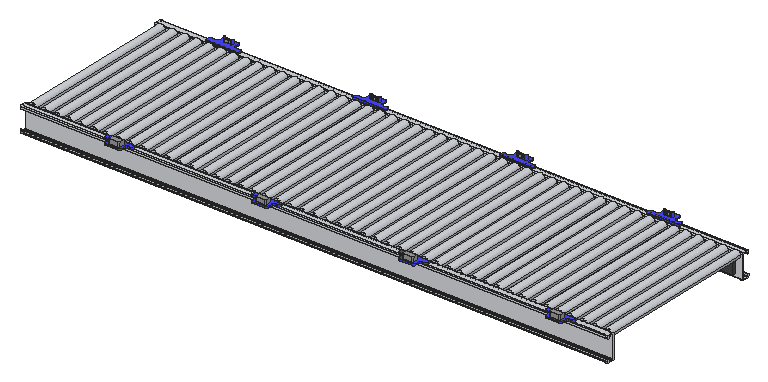
Revit family "C353", category Specialty Equipment, Revit 2025
Family settings
  Round Connector Dimension = Use Diameter
  Part Type = Normal
  Work Plane-Based = No
  Enable Cutting in Views = No
  Always vertical = Yes
  Cut with Voids When Loaded = No
  Maintain Annotation Orientation = No
  Shared = No
  Room Calculation Point = No
Parameters (values of type "C353- 42"")
  Weight [instance] = 0
  Version = ""
  Subsystem [instance] = ""
  Special_Part_Number [instance] = ""
  Special_Description [instance] = ""
  Special_Bed [instance] = no
  Segment [instance] = ""
  SIO_Block_Number [instance] = ""
  SENSOR_ARRY_NUM [instance] = round(CLR_BED_LENGTH / CLR_ZONES)  # 4
  SENSOR_ARRY [instance] = CLR_ZONES + CLR_SENSOR_SKEW  # 4' - 8"
  PHOTO_EYE_ARRAY [instance] = CLR_ZONES + CLR_PhotoEye_SP  # 4' - 0"
  Material_Number [instance] = ""
  MCP [instance] = ""
  Lookup Table Name BCL [instance] = "BOTTOM_COVER_BCL"
  Lookup Table Name BCAN [instance] = "BOTTOM_COVER_ARRAY_NUM"
  Lookup Table Name [instance] = "PHOTO_EYE"
  Load_Envelope_Height [instance] = 1' - 0"
  Load_Envelope [instance] = no
  IO_Block_Number [instance] = ""
  Field_Cut [instance] = no
  Estop_Zone [instance] = ""
  Error_State [instance] = no
  Default Elevation = 0' - 0"
  Conveyor_Number [instance] = "100"
  Conveyor_Elevation_Out [instance] = Conveyor_Elevation_In  # 2' - 6"
  Conveyor_Elevation_In [instance] = 2' - 6"
  CLR_ZONE_CONTROL = "N"
  CLR_ZONES [instance] = 3' - 0"
  CLR_VFD = no
  CLR_TE_POSITION = "N"
  CLR_TAKE_UP_SPRING_QUANTITY = 0
  CLR_TAKE_UP = "N"
  CLR_SUBCLASS = ""
  CLR_SPRING_COVER [instance] = no
  CLR_SPEED_FPM = 0
  CLR_SLAVE_RATIO = "N"
  CLR_SENSOR_SKEW [instance] = size_lookup(Lookup Table Name, "CSS", CLR_PhotoEye_SP, CLR_NOMINAL_WIDTH, CLR_ZONES, CLR_SENSOR_ANGLE)  # 1' - 8"
  CLR_SENSOR_MOUNT [instance] = "Side"
  CLR_SENSOR_HAND [instance] = "Left"
  CLR_SENSOR_ANGLE [instance] = 9.00°
  CLR_ROLLER_NUM [instance] = CLR_BED_LENGTH / CLR_ROLLER_CENTER  # 48
  CLR_ROLLER_CENTER [instance] = 0' - 3"
  CLR_PhotoEye_SP [instance] = if(CLR_ZONES = 3' 0", 1' 0", if(CLR_ZONES = 2' 0", 0' 8", 0' 8"))  # 1' - 0"
  CLR_PULLEY_TYPE = "N"
  CLR_POPOUT_CARRYING_ROLLERS [instance] = no
  CLR_NOMINAL_WIDTH + 1" [instance] = CLR_NOMINAL_WIDTH + 0' 1"  # 3' - 7"
  CLR_NOMINAL_WIDTH  -2.5" [instance] = CLR_NOMINAL_WIDTH - 0' 2 1/2"  # 3' - 3 1/2"
  CLR_NOMINAL_WIDTH [instance] = if(Bed_Width = 1' 6", 1' 6", if(Bed_Width = 2' 0", 2' 0", if(Bed_Width = 2' 6", 2' 6", if(Bed_Width = 3' 0", 3' 0", if(Bed_Width = 3' 6", 3' 6", 1' 6")))))  # 3' - 6"
  CLR_MOTOR_VOLTAGE = "N"
  CLR_MOTOR_TYPE = "N"
  CLR_MOTOR_HP = 0
  CLR_MODULE = ""
  CLR_LIFTER_ROLLER_CENTER [instance] = 0' - 6"
  CLR_FINGER_GUARD [instance] = no
  CLR_DRIVE_TRAIN_TYPE = "N"
  CLR_DRIVE_SIZE = 0
  CLR_CONTROL_VOLTAGE = "N"
  CLR_CONTROL_DEVICE = "N"
  CLR_CONNECTION_KIT = "N"
  CLR_CARRYING_ROLLER [instance] = "Standard\r\nStandard\r\nStandard"
  CLR_BOTTOM_COVERS [instance] = no
  CLR_BED_LENGTH [instance] = if(Bed_Length < 12' 0", 12' 0", if(Bed_Length > 12' 0", 12' 0", 12' 0"))  # 12' - 0"
  CLR_ASSEMBLY_HAND = "N"
  CLR_AIR_BRAKE = 0
  Belting [instance] = if(Bed_Width = 1' 6", 0' 8", if(Bed_Width = 2' 0", 0' 8", if(Bed_Width = 2' 6", 0' 8", if(Bed_Width = 3' 0", 0' 8", if(Bed_Width = 3' 6", 0' 8", 0' 8")))))  # 0' - 8"
  Bed_Width [instance] = 3' - 6"
  Bed_Length [instance] = 12' - 0"
  BREAK_ENTRY_LEN [instance] = if(CLR_ZONES = 3' 0", 0' 11 7/32", if(CLR_ZONES = 2' 0", 0' 0 7/32", 3' 0"))  # 0' - 11 7/32"
  BOTTOM_COVER_ARRAY_NUM [instance] = size_lookup(Lookup Table Name BCAN, "BCAN", 1, CLR_BED_LENGTH)  # 4
  BOTTOM_COVERS_LOCATION [instance] = BOTTOM_COVERS_LENGTH + BOTTOM_COVERS_LENGTH / 2  # 4' - 6"
  BOTTOM_COVERS_LENGTH [instance] = size_lookup(Lookup Table Name BCL, "BCL", 2' 0", CLR_BED_LENGTH, BOTTOM_COVER_ARRAY_NUM)  # 3' - 0"
  BBREAK_ZONE [instance] = if(CLR_ZONES = 3' 0", 3' 0", if(CLR_ZONES = 2' 0", 2' 0", 3' 0"))  # 3' - 0"
  Asset ID [instance] = ""
  Air_Consumption [instance] = 0
Types (5): name | SENSOR_ARRY_NUM | SENSOR_ARRY | PHOTO_EYE_ARRAY | Load_Envelope_Height | CLR_ZONES | CLR_SENSOR_SKEW | CLR_PhotoEye_SP | CLR_NOMINAL_WIDTH + 1" | CLR_NOMINAL_WIDTH  -2.5" | CLR_NOMINAL_WIDTH | Bed_Width | BREAK_ENTRY_LEN | BBREAK_ZONE
  C353- 18" | 6 | 3' - 0" | 2' - 8" | 1' - 0" | 2' - 0" | 1' - 0" | 0' - 8" | 1' - 7" | 1' - 3 1/2" | 1' - 6" | 1' - 6" | 0' - 0 7/32" | 2' - 0"
  C353- 24" | 4 | 4' - 4" | 4' - 0" | 1' - 0" | 3' - 0" | 1' - 4" | 1' - 0" | 2' - 1" | 1' - 9 1/2" | 2' - 0" | 2' - 0" | 0' - 11 7/32" | 3' - 0"
  C353- 30" | 4 | 4' - 6" | 4' - 0" | 1' - 0" | 3' - 0" | 1' - 6" | 1' - 0" | 2' - 7" | 2' - 3 1/2" | 2' - 6" | 2' - 6" | 0' - 11 7/32" | 3' - 0"
  C353- 36" | 6 | 3' - 2" | 2' - 8" | 0' - 11.55696" | 2' - 0" | 1' - 2" | 0' - 8" | 3' - 1" | 2' - 9 1/2" | 3' - 0" | 3' - 0" | 0' - 0 7/32" | 2' - 0"
  C353- 42" | 4 | 4' - 8" | 4' - 0" | 1' - 0" | 3' - 0" | 1' - 8" | 1' - 0" | 3' - 7" | 3' - 3 1/2" | 3' - 6" | 3' - 6" | 0' - 11 7/32" | 3' - 0"
Reference planes (in)
  plane 1 "Centerline": y = 0
  plane 2: z = 0
  plane 3 "Entry_End": x = 0
  plane 4 "Top_of_Roller": z = 30
  plane 5 "Top_of_SideFrame": z = 29.71
  plane 6 "Bot_of_SideFrame": z = 23.71
  plane 7 "LH_Out": y = 21.5
  plane 8 "RH_Out": y = -21.5
  plane 9 "RH_In": y = -19.75
  plane 10 "LH_In": y = 19.75
  plane 11 "Exit_End": x = 144
  plane 12 "PhotoEye_SP": x = 132
  plane 13 "Sensor_Skew": x = 124
  plane 14: x = 60.81944
  plane 15: y = -38.13976
  plane 16: z = 30
  plane 17: z = 42
  plane 18: y = -19.75
  plane 19: y = 19.75
  plane 20: x = 34.71875
  plane 21: x = 23.21875
  plane 22: y = 19
  plane 23: x = 22.71875
  plane 24: x = 11.21875
  plane 25: y = 19
  plane 26: y = 18.25
  plane 27: y = 18.25
  plane 28 "BREAK": z = 27.805
  plane 29: x = 22.96875
  plane 30: x = 31.33658
  plane 31: x = 19.83658
  plane 32: y = 25.5
  plane 33: x = 19.33658
  plane 34: x = 7.83658
  plane 35: y = 25.5
  plane 36: y = 24.75
  plane 37: y = 24.75
  plane 38: x = 19.58658
  plane 39: x = 22.96875
  plane 40: x = 11.21875
  plane 41: x = 19.58658
  plane 42: x = 7.83658
  plane 43: y = 19
  plane 44: y = 25.5
  plane 45: x = 70.71875
  plane 46: x = 59.21875
  plane 47: y = 19
  plane 48: x = 58.71875
  plane 49: x = 47.21875
  plane 50: y = 19
  plane 51: y = 18.25
  plane 52: y = 18.25
  plane 53: x = 58.96875
  plane 54: x = 106.71875
  plane 55: x = 95.21875
  plane 56: y = 19
  plane 57: x = 94.71875
  plane 58: x = 83.21875
  plane 59: y = 19
  plane 60: y = 18.25
  plane 61: y = 18.25
  plane 62: x = 94.96875
  plane 63: x = 142.71875
  plane 64: x = 131.21875
  plane 65: y = 19
  plane 66: x = 130.71875
  plane 67: x = 119.21875
  plane 68: y = 19
  plane 69: y = 18.25
  plane 70: y = 18.25
  plane 71: x = 130.96875
Forms (in)
  Extrusion 1, solid, detail levels coarse+medium
    sketch origin (0, 0, 0) x (0, 1, 0) y (0, 0, 1)
      loop
        line (21.5, 29.71) -> (-21.5, 29.71) -> (-21.5, 23.71) -> (21.5, 23.71) -> (21.5, 29.71)
    from 0 to 144
  Extrusion 2, solid, material "Load Envelope", visible <- "Load_Envelope"
    sketch origin (0, 0, 0) x (0, 1, 0) y (0, 0, 1)
      loop
        line (19.75, 42) -> (-19.75, 42) -> (-19.75, 30) -> (19.75, 30) -> (19.75, 42)
    from 0 to 144
  Extrusion 3, solid, material "BREAK"
    sketch origin (-81.78125, -20.40488, 22.32745) x (0, 1, 0) y (-1, 0, 0)
      loop
        line (39.40488, -116.5) -> (39.40488, -105) -> (39.15488, -105) -> (39.15488, -104.5) -> (39.40488, -104.5) -> (39.40488, -93) -> (38.65488, -93) -> (38.65488, -104.5) -> (38.90488, -104.5) -> (38.90488, -105) -> (38.65488, -105) -> (38.65488, -116.5) -> (39.40488, -116.5)
    from 2.81755 to 5.47755
  Extrusion 4, solid, material "BREAK", not visible
    sketch origin (-85.16342, -13.90488, 22.77048) x (0, 1, 0) y (-1, 0, 0)
      loop
        line (39.40488, -116.5) -> (39.40488, -105) -> (39.15488, -105) -> (39.15488, -104.5) -> (39.40488, -104.5) -> (39.40488, -93) -> (38.65488, -93) -> (38.65488, -104.5) -> (38.90488, -104.5) -> (38.90488, -105) -> (38.65488, -105) -> (38.65488, -116.5) -> (39.40488, -116.5)
    from 2.81755 to 5.47755
  Extrusion 5, solid, material "BREAK"
    sketch origin (-45.78125, -20.40488, 22.32745) x (0, 1, 0) y (-1, 0, 0)
      loop
        line (39.40488, -116.5) -> (39.40488, -105) -> (39.15488, -105) -> (39.15488, -104.5) -> (39.40488, -104.5) -> (39.40488, -93) -> (38.65488, -93) -> (38.65488, -104.5) -> (38.90488, -104.5) -> (38.90488, -105) -> (38.65488, -105) -> (38.65488, -116.5) -> (39.40488, -116.5)
    from 2.81755 to 5.47755
  Extrusion 6, solid, material "BREAK"
    sketch origin (-9.78125, -20.40488, 22.32745) x (0, 1, 0) y (-1, 0, 0)
      loop
        line (39.40488, -116.5) -> (39.40488, -105) -> (39.15488, -105) -> (39.15488, -104.5) -> (39.40488, -104.5) -> (39.40488, -93) -> (38.65488, -93) -> (38.65488, -104.5) -> (38.90488, -104.5) -> (38.90488, -105) -> (38.65488, -105) -> (38.65488, -116.5) -> (39.40488, -116.5)
    from 2.81755 to 5.47755
  Extrusion 7, solid, material "BREAK"
    sketch origin (26.21875, -20.40488, 22.32745) x (0, 1, 0) y (-1, 0, 0)
      loop
        line (39.40488, -116.5) -> (39.40488, -105) -> (39.15488, -105) -> (39.15488, -104.5) -> (39.40488, -104.5) -> (39.40488, -93) -> (38.65488, -93) -> (38.65488, -104.5) -> (38.90488, -104.5) -> (38.90488, -105) -> (38.65488, -105) -> (38.65488, -116.5) -> (39.40488, -116.5)
    from 2.81755 to 5.47755
Lines and regions (in)
  model lines, style "Belt"
    curve 1: line (0, 4, 30) -> (144, 4, 30)
    curve 2: line (0, -4, 30) -> (0, 4, 30)
    curve 3: line (144, -4, 30) -> (0, -4, 30)
    curve 4: line (144, 4, 30) -> (144, -4, 30)
  model lines, style "Centerline"
    curve 5: line (0, 0, 30) -> (144, 0, 30)
  model lines, style "Flow Arrow", not visible
    curve 6: line (108.81944, -38.13976, 30) -> (132.81944, -38.13976, 30)
    curve 7: line (132.81944, -38.13976, 30) -> (122.42713, -32.13976, 30)
    curve 8: line (132.81944, -38.13976, 30) -> (122.42713, -44.13976, 30)
  reference lines
    curve 9: line (22.96875, 21, 30) -> (22.96875, 16.5, 30)
    curve 10: line (58.96875, 21, 30) -> (58.96875, 16.5, 30)
    curve 11: line (94.96875, 21, 30) -> (94.96875, 16.5, 30)
    curve 12: line (130.96875, 21, 30) -> (130.96875, 16.5, 30)
Dimensions and locks (in)
  equal spacing: plane 10 "LH_In", plane 1 "Centerline", plane 9 "RH_In"
  "CLR_NOMINAL_WIDTH  -2.5"": plane 10 "LH_In" to plane 9 "RH_In"
  equal spacing: plane 7 "LH_Out", plane 1 "Centerline", plane 8 "RH_Out"
  "CLR_NOMINAL_WIDTH + 1"": plane 7 "LH_Out" to plane 8 "RH_Out"
  "Conveyor_Elevation_In": plane 4 "Top_of_Roller" to level
  locked: plane 4 "Top_of_Roller" to plane 5 "Top_of_SideFrame" at 0.29
  locked: plane 5 "Top_of_SideFrame" to plane 6 "Bot_of_SideFrame" at 6
  locked: nested 1 to plane 6 "Bot_of_SideFrame"
  locked: nested 1 to plane 10 "LH_In"
  locked: plane 6 "Bot_of_SideFrame" to nested 2
  locked: plane 9 "RH_In" to nested 2
  locked: plane 3 "Entry_End" to nested 3 at 1.5
  locked: plane 4 "Top_of_Roller" to nested 3
  equal spacing: group 1, group 2, group 3, group 4, group 5, group 6, group 7, group 8, group 14, group 15, group 16, group 17, group 18, group 19, group 20, group 21, group 22, group 23, group 24, group 25, group 26, group 27, group 28, group 29, group 30, group 31, group 32, group 33, group 34, group 35, group 36, group 37, group 38, group 39, group 40, group 41, group 47, group 48, group 49, group 50, group 54, group 55, group 56, group 57, group 58, group 59, group 60, group 61  (x2)
  equal spacing: group 61, group 60, group 59, group 58, group 57, group 56, group 55, group 54, group 50, group 49, group 48, group 47, group 41, group 40, group 39, group 38, group 37, group 36, group 35, group 34, group 33, group 32, group 31, group 30, group 29, group 28, group 27, group 26, group 25, group 24, group 23, group 22, group 21, group 20, group 19, group 18, group 17, group 16, group 15, group 14, group 8, group 7, group 6, group 5, group 4, group 3, group 2, group 1
  locked: plane 3 "Entry_End" to nested 4 at 4.5
  "CLR_BED_LENGTH": plane 3 "Entry_End" to plane 11 "Exit_End"
  "CLR_PhotoEye_SP": plane 11 "Exit_End" to plane 12 "PhotoEye_SP"
  "CLR_SENSOR_SKEW": plane 11 "Exit_End" to plane 13 "Sensor_Skew"
  equal spacing: group 51, group 42, group 10, group 9
  equal spacing: group 9, group 10, group 42, group 51  (x2)
  "SENSOR_ARRY": nested 12 to plane 11 "Exit_End"
  locked: plane 5 "Top_of_SideFrame" to nested 11
  locked: plane 8 "RH_Out" to nested 13
  equal spacing: group 52, group 43, group 12, group 11
  equal spacing: group 11, group 12, group 43, group 52  (x2)
  "PHOTO_EYE_ARRAY": nested 14 to plane 11 "Exit_End"
  locked: plane 5 "Top_of_SideFrame" to nested 13
  equal spacing: curve 3, plane 1 "Centerline", curve 1
  "Belting": curve 3 to curve 1
  equal spacing: plane 19, plane 1 "Centerline", plane 18
  "CLR_NOMINAL_WIDTH  -2.5"": plane 19 to plane 18
  "Load_Envelope_Height": plane 17 to plane 16
  locked: plane 3 "Entry_End" to nested 45
  equal spacing: group 44, group 45, group 46, group 53  (x2)
  equal spacing: group 53, group 46, group 45, group 44
  "BOTTOM_COVERS_LOCATION": nested 46 to plane 3 "Entry_End"
  locked: plane 27 to plane 22 at 0.75
  locked: plane 26 to plane 25 at 0.75
  plane 23 to plane 21 = 0' - 0 1/2"
  locked: plane 24 to plane 23 at 11.5
  locked: plane 21 to plane 20 at 11.5
  locked: plane 28 "BREAK" to plane 4 "Top_of_Roller" at 2.195
  Extrusion 3 to Extrusion 3 = 0' - 2.66"
  locked: plane 29 to Extrusion 3 sketch curve at 0.25
  locked: Extrusion 3 sketch curve to plane 29 at 0.25
  locked: plane 37 to plane 32 at 0.75
  locked: plane 36 to plane 35 at 0.75
  plane 33 to plane 31 = 0' - 0 1/2"
  locked: plane 34 to plane 33 at 11.5
  locked: plane 31 to plane 30 at 11.5
  locked: plane 38 to Extrusion 4 sketch curve at 0.25
  locked: Extrusion 4 sketch curve to plane 38 at 0.25
  Extrusion 3 to plane 39 to Extrusion 3 = 0' - 0 1/4", 0' - 0 1/4"
  Extrusion 3 to plane 40 = 0' - 0"
  locked: plane 43 to plane 10 "LH_In" at 0.75
  locked: plane 43 to Extrusion 3
  "BREAK_ENTRY_LEN": plane 3 "Entry_End" to plane 40
  locked: Extrusion 3 to plane 40
  locked: plane 40 to plane 39 at 11.75
  locked: plane 52 to plane 47 at 0.75
  locked: plane 51 to plane 50 at 0.75
  locked: plane 49 to plane 48 at 11.5
  locked: plane 46 to plane 45 at 11.5
  locked: plane 53 to Extrusion 5 sketch curve at 0.25
  locked: Extrusion 5 sketch curve to plane 53 at 0.25
  equal spacing: group 63, group 64, group 65, group 66  (x3)
  "BBREAK_ZONE": curve 9 to curve 10
  locked: plane 61 to plane 56 at 0.75
  locked: plane 60 to plane 59 at 0.75
  locked: plane 58 to plane 57 at 11.5
  locked: plane 55 to plane 54 at 11.5
  locked: plane 62 to Extrusion 6 sketch curve at 0.25
  locked: Extrusion 6 sketch curve to plane 62 at 0.25
  locked: plane 70 to plane 65 at 0.75
  locked: plane 69 to plane 68 at 0.75
  locked: plane 67 to plane 66 at 11.5
  locked: plane 64 to plane 63 at 11.5
  locked: plane 71 to Extrusion 7 sketch curve at 0.25
  locked: Extrusion 7 sketch curve to plane 71 at 0.25
  aligned and locked: level to plane 2
  aligned and locked: plane 3 "Entry_End" to nested 1
  aligned and locked: plane 3 "Entry_End" to nested 2
  aligned and locked: plane 1 "Centerline" to nested 3
  aligned and locked: nested 11 to plane 13 "Sensor_Skew"
  aligned and locked: plane 7 "LH_Out" to nested 11
  aligned and locked: plane 12 "PhotoEye_SP" to nested 13
  aligned and locked: plane 3 "Entry_End" to curve 2
  aligned and locked: curve 4 to plane 11 "Exit_End"
  aligned and locked: Extrusion 1 to plane 7 "LH_Out"
  aligned and locked: plane 5 "Top_of_SideFrame" to Extrusion 1
  aligned and locked: Extrusion 1 to plane 6 "Bot_of_SideFrame"
  aligned and locked: plane 11 "Exit_End" to Extrusion 1
  aligned and locked: plane 4 "Top_of_Roller" to plane 16
  aligned and locked: Extrusion 2 sketch curve to plane 17
  aligned and locked: Extrusion 2 sketch curve to plane 10 "LH_In"
  aligned and locked: Extrusion 2 sketch curve to nested 3  (x2)
  aligned and locked: plane 11 "Exit_End" to Extrusion 2
  aligned and locked: nested 45 to plane 6 "Bot_of_SideFrame"
  aligned and locked: plane 1 "Centerline" to nested 45
  aligned and locked: plane 4 "Top_of_Roller" to nested 62
  aligned and locked: nested 54 to plane 6 "Bot_of_SideFrame"
  aligned and locked: plane 5 "Top_of_SideFrame" to nested 52
  aligned and locked: plane 5 "Top_of_SideFrame" to nested 53
  aligned and locked: plane 7 "LH_Out" to nested 52
  aligned and locked: plane 8 "RH_Out" to nested 53
  aligned and locked: Extrusion 3 sketch curve to plane 22
  aligned and locked: Extrusion 3 sketch curve to plane 20
  aligned and locked: Extrusion 3 sketch curve to plane 27
  aligned and locked: Extrusion 3 sketch curve to plane 26
  aligned and locked: Extrusion 3 sketch curve to plane 24
  aligned and locked: Extrusion 4 sketch curve to plane 32
  aligned and locked: Extrusion 4 sketch curve to plane 30
  aligned and locked: Extrusion 4 sketch curve to plane 37
  aligned and locked: Extrusion 4 sketch curve to plane 36
  aligned and locked: Extrusion 4 sketch curve to plane 35
  aligned and locked: Extrusion 4 sketch curve to plane 34
  aligned and locked: Extrusion 5 sketch curve to plane 47
  aligned and locked: Extrusion 5 sketch curve to plane 45
  aligned and locked: Extrusion 5 sketch curve to plane 52
  aligned and locked: Extrusion 5 sketch curve to plane 51
  aligned and locked: Extrusion 5 sketch curve to plane 49
  aligned and locked: Extrusion 6 sketch curve to plane 56
  aligned and locked: Extrusion 6 sketch curve to plane 54
  aligned and locked: Extrusion 6 sketch curve to plane 61
  aligned and locked: Extrusion 6 sketch curve to plane 60
  aligned and locked: Extrusion 6 sketch curve to plane 58
  aligned and locked: Extrusion 7 sketch curve to plane 65
  aligned and locked: Extrusion 7 sketch curve to plane 63
  aligned and locked: Extrusion 7 sketch curve to plane 70
  aligned and locked: Extrusion 7 sketch curve to plane 69
  aligned and locked: Extrusion 7 sketch curve to plane 67
  aligned and locked: Extrusion 7 to plane 43
  aligned and locked: plane 4 "Top_of_Roller" to curve 12
  aligned and locked: plane 4 "Top_of_Roller" to curve 9
Automatic sketch dimensions
  plane 9 "RH_In" to Extrusion 1 sketch curve = 0' - 1 3/4"
  Extrusion 1 sketch curve to plane 10 "LH_In" = 0' - 1 3/4"
  Extrusion 1 sketch curve to plane 6 "Bot_of_SideFrame" = 0' - 0"
  plane 6 "Bot_of_SideFrame" to Extrusion 1 sketch curve = 0' - 6"
  plane 1 "Centerline" to curve 5 = 0' - 0"
  Extrusion 3 sketch curve to plane 21 = 0' - 0"
  Extrusion 3 sketch curve to plane 23 = 0' - 0"
  Extrusion 3 sketch curve to Extrusion 3 sketch curve = 0' - 0 1/4"
  plane 22 to Extrusion 3 sketch curve = 0' - 0 1/4"
  Extrusion 4 sketch curve to plane 31 = 0' - 0"
  Extrusion 4 sketch curve to plane 33 = 0' - 0"
  Extrusion 4 sketch curve to Extrusion 4 sketch curve = 0' - 0 1/4"
  plane 32 to Extrusion 4 sketch curve = 0' - 0 1/4"
  Extrusion 3 sketch curve to plane 22 = 0' - 0"
  curve 9 to curve 9 = 0' - 4 1/2"
  Extrusion 5 sketch curve to plane 46 = 0' - 0"
  Extrusion 5 sketch curve to plane 48 = 0' - 0"
  Extrusion 5 sketch curve to Extrusion 5 sketch curve = 0' - 0 1/4"
  plane 47 to Extrusion 5 sketch curve = 0' - 0 1/4"
  Extrusion 5 sketch curve to plane 47 = 0' - 0"
  curve 10 to curve 10 = 0' - 4 1/2"
  Extrusion 6 sketch curve to plane 55 = 0' - 0"
  Extrusion 6 sketch curve to plane 57 = 0' - 0"
  Extrusion 6 sketch curve to Extrusion 6 sketch curve = 0' - 0 1/4"
  plane 56 to Extrusion 6 sketch curve = 0' - 0 1/4"
  Extrusion 6 sketch curve to plane 56 = 0' - 0"
  curve 11 to curve 11 = 0' - 4 1/2"
  Extrusion 7 sketch curve to plane 64 = 0' - 0"
  Extrusion 7 sketch curve to plane 66 = 0' - 0"
  Extrusion 7 sketch curve to Extrusion 7 sketch curve = 0' - 0 1/4"
  plane 65 to Extrusion 7 sketch curve = 0' - 0 1/4"
  Extrusion 7 sketch curve to plane 65 = 0' - 0"
  curve 12 to curve 12 = 0' - 4 1/2"
Nested families (in)
  nested 1: "SW0024A" at (72, 20.625, -0.29) x (0, -1, 0) z (0, 0, 1), Bed_Length <- "CLR_BED_LENGTH", type "SW0024A", detail levels fine
    with Conveyor_Elevation_In 2' - 6", Bed_Length 12' - 0"
  nested 2: "SW0023A" at (72, -20.625, -0.29) x (0, -1, 0) z (0, 0, 1), Bed_Length <- "CLR_BED_LENGTH", type "SW0023A", detail levels fine
    with Conveyor_Elevation_In 2' - 6", Bed_Length 12' - 0"
  nested 3: "SW0289" at (1.5, 0, 0), B <- "CLR_NOMINAL_WIDTH  -2.5"", type "SW0289", detail levels fine
    with Conveyor_Elevation_In 2' - 6", B 3' - 3 1/2"
  nested 4: "SW0289" at (4.5, 0, 0), B <- "CLR_NOMINAL_WIDTH  -2.5"", type "SW0289", detail levels fine
    with Conveyor_Elevation_In 2' - 6", B 3' - 3 1/2"
  nested 5: "SW0289" at (7.5, 0, 0), B <- "CLR_NOMINAL_WIDTH  -2.5"", type "SW0289", detail levels fine
    with Conveyor_Elevation_In 2' - 6", B 3' - 3 1/2"
  nested 6: "SW0289" at (10.5, 0, 0), B <- "CLR_NOMINAL_WIDTH  -2.5"", type "SW0289", detail levels fine
    with Conveyor_Elevation_In 2' - 6", B 3' - 3 1/2"
  nested 7: "SW0289" at (13.5, 0, 0), B <- "CLR_NOMINAL_WIDTH  -2.5"", type "SW0289", detail levels fine
    with Conveyor_Elevation_In 2' - 6", B 3' - 3 1/2"
  nested 8: "SW0289" at (16.5, 0, 0), B <- "CLR_NOMINAL_WIDTH  -2.5"", type "SW0289", detail levels fine
    with Conveyor_Elevation_In 2' - 6", B 3' - 3 1/2"
  nested 9: "SW0289" at (19.5, 0, 0), B <- "CLR_NOMINAL_WIDTH  -2.5"", type "SW0289", detail levels fine
    with Conveyor_Elevation_In 2' - 6", B 3' - 3 1/2"
  nested 10: "SW0289" at (22.5, 0, 0), B <- "CLR_NOMINAL_WIDTH  -2.5"", type "SW0289", detail levels fine
    with Conveyor_Elevation_In 2' - 6", B 3' - 3 1/2"
  nested 11: "SW0014" at (124, 21.5, -0.00094), type "SW0014"
  nested 12: "SW0014" at (88, 21.5, -0.00094), type "SW0014"
  nested 13: "SW0037-01" at (132, -21.5, -0.00094), type "SW0037-01"
    with Conveyor_Elevation_In 2' - 5 91/128"
  nested 14: "SW0037-01" at (96, -21.5, -0.00094), type "SW0037-01"
    with Conveyor_Elevation_In 2' - 5 91/128"
  nested 15: "SW0289" at (25.5, 0, 0), B <- "CLR_NOMINAL_WIDTH  -2.5"", type "SW0289", detail levels fine
    with Conveyor_Elevation_In 2' - 6", B 3' - 3 1/2"
  nested 16: "SW0289" at (28.5, 0, 0), B <- "CLR_NOMINAL_WIDTH  -2.5"", type "SW0289", detail levels fine
    with Conveyor_Elevation_In 2' - 6", B 3' - 3 1/2"
  nested 17: "SW0289" at (31.5, 0, 0), B <- "CLR_NOMINAL_WIDTH  -2.5"", type "SW0289", detail levels fine
    with Conveyor_Elevation_In 2' - 6", B 3' - 3 1/2"
  nested 18: "SW0289" at (34.5, 0, 0), B <- "CLR_NOMINAL_WIDTH  -2.5"", type "SW0289", detail levels fine
    with Conveyor_Elevation_In 2' - 6", B 3' - 3 1/2"
  nested 19: "SW0289" at (37.5, 0, 0), B <- "CLR_NOMINAL_WIDTH  -2.5"", type "SW0289", detail levels fine
    with Conveyor_Elevation_In 2' - 6", B 3' - 3 1/2"
  nested 20: "SW0289" at (40.5, 0, 0), B <- "CLR_NOMINAL_WIDTH  -2.5"", type "SW0289", detail levels fine
    with Conveyor_Elevation_In 2' - 6", B 3' - 3 1/2"
  nested 21: "SW0289" at (43.5, 0, 0), B <- "CLR_NOMINAL_WIDTH  -2.5"", type "SW0289", detail levels fine
    with Conveyor_Elevation_In 2' - 6", B 3' - 3 1/2"
  nested 22: "SW0289" at (46.5, 0, 0), B <- "CLR_NOMINAL_WIDTH  -2.5"", type "SW0289", detail levels fine
    with Conveyor_Elevation_In 2' - 6", B 3' - 3 1/2"
  nested 23: "SW0289" at (49.5, 0, 0), B <- "CLR_NOMINAL_WIDTH  -2.5"", type "SW0289", detail levels fine
    with Conveyor_Elevation_In 2' - 6", B 3' - 3 1/2"
  nested 24: "SW0289" at (52.5, 0, 0), B <- "CLR_NOMINAL_WIDTH  -2.5"", type "SW0289", detail levels fine
    with Conveyor_Elevation_In 2' - 6", B 3' - 3 1/2"
  nested 25: "SW0289" at (55.5, 0, 0), B <- "CLR_NOMINAL_WIDTH  -2.5"", type "SW0289", detail levels fine
    with Conveyor_Elevation_In 2' - 6", B 3' - 3 1/2"
  nested 26: "SW0289" at (58.5, 0, 0), B <- "CLR_NOMINAL_WIDTH  -2.5"", type "SW0289", detail levels fine
    with Conveyor_Elevation_In 2' - 6", B 3' - 3 1/2"
  nested 27: "SW0289" at (61.5, 0, 0), B <- "CLR_NOMINAL_WIDTH  -2.5"", type "SW0289", detail levels fine
    with Conveyor_Elevation_In 2' - 6", B 3' - 3 1/2"
  nested 28: "SW0289" at (64.5, 0, 0), B <- "CLR_NOMINAL_WIDTH  -2.5"", type "SW0289", detail levels fine
    with Conveyor_Elevation_In 2' - 6", B 3' - 3 1/2"
  nested 29: "SW0289" at (67.5, 0, 0), B <- "CLR_NOMINAL_WIDTH  -2.5"", type "SW0289", detail levels fine
    with Conveyor_Elevation_In 2' - 6", B 3' - 3 1/2"
  nested 30: "SW0289" at (70.5, 0, 0), B <- "CLR_NOMINAL_WIDTH  -2.5"", type "SW0289", detail levels fine
    with Conveyor_Elevation_In 2' - 6", B 3' - 3 1/2"
  nested 31: "SW0289" at (73.5, 0, 0), B <- "CLR_NOMINAL_WIDTH  -2.5"", type "SW0289", detail levels fine
    with Conveyor_Elevation_In 2' - 6", B 3' - 3 1/2"
  nested 32: "SW0289" at (76.5, 0, 0), B <- "CLR_NOMINAL_WIDTH  -2.5"", type "SW0289", detail levels fine
    with Conveyor_Elevation_In 2' - 6", B 3' - 3 1/2"
  nested 33: "SW0289" at (79.5, 0, 0), B <- "CLR_NOMINAL_WIDTH  -2.5"", type "SW0289", detail levels fine
    with Conveyor_Elevation_In 2' - 6", B 3' - 3 1/2"
  nested 34: "SW0289" at (82.5, 0, 0), B <- "CLR_NOMINAL_WIDTH  -2.5"", type "SW0289", detail levels fine
    with Conveyor_Elevation_In 2' - 6", B 3' - 3 1/2"
  nested 35: "SW0289" at (85.5, 0, 0), B <- "CLR_NOMINAL_WIDTH  -2.5"", type "SW0289", detail levels fine
    with Conveyor_Elevation_In 2' - 6", B 3' - 3 1/2"
  nested 36: "SW0289" at (88.5, 0, 0), B <- "CLR_NOMINAL_WIDTH  -2.5"", type "SW0289", detail levels fine
    with Conveyor_Elevation_In 2' - 6", B 3' - 3 1/2"
  nested 37: "SW0289" at (91.5, 0, 0), B <- "CLR_NOMINAL_WIDTH  -2.5"", type "SW0289", detail levels fine
    with Conveyor_Elevation_In 2' - 6", B 3' - 3 1/2"
  nested 38: "SW0289" at (94.5, 0, 0), B <- "CLR_NOMINAL_WIDTH  -2.5"", type "SW0289", detail levels fine
    with Conveyor_Elevation_In 2' - 6", B 3' - 3 1/2"
  nested 39: "SW0289" at (97.5, 0, 0), B <- "CLR_NOMINAL_WIDTH  -2.5"", type "SW0289", detail levels fine
    with Conveyor_Elevation_In 2' - 6", B 3' - 3 1/2"
  nested 40: "SW0289" at (100.5, 0, 0), B <- "CLR_NOMINAL_WIDTH  -2.5"", type "SW0289", detail levels fine
    with Conveyor_Elevation_In 2' - 6", B 3' - 3 1/2"
  nested 41: "SW0289" at (103.5, 0, 0), B <- "CLR_NOMINAL_WIDTH  -2.5"", type "SW0289", detail levels fine
    with Conveyor_Elevation_In 2' - 6", B 3' - 3 1/2"
  nested 42: "SW0289" at (106.5, 0, 0), B <- "CLR_NOMINAL_WIDTH  -2.5"", type "SW0289", detail levels fine
    with Conveyor_Elevation_In 2' - 6", B 3' - 3 1/2"
  nested 43: "SW0014" at (52, 21.5, -0.00094), type "SW0014"
  nested 44: "SW0037-01" at (60, -21.5, -0.00094), type "SW0037-01"
    with Conveyor_Elevation_In 2' - 5 91/128"
  nested 45: "SW0046" at (18, 0, 0), CLR_NOMINAL_WIDTH <- "CLR_NOMINAL_WIDTH  -2.5"", bottom cover length <- "BOTTOM_COVERS_LENGTH", visible <- "CLR_BOTTOM_COVERS", type "SW0046", detail levels fine
    with bottom cover length 36.000", Nominal wedith 39.268", CLR_NOMINAL_WIDTH 3' - 3 1/2"
  nested 46: "SW0046" at (54, 0, 0), CLR_NOMINAL_WIDTH <- "CLR_NOMINAL_WIDTH  -2.5"", bottom cover length <- "BOTTOM_COVERS_LENGTH", visible <- "CLR_BOTTOM_COVERS", type "SW0046", detail levels fine
    with bottom cover length 36.000", Nominal wedith 39.268", CLR_NOMINAL_WIDTH 3' - 3 1/2"
  nested 47: "SW0046" at (90, 0, 0), CLR_NOMINAL_WIDTH <- "CLR_NOMINAL_WIDTH  -2.5"", bottom cover length <- "BOTTOM_COVERS_LENGTH", visible <- "CLR_BOTTOM_COVERS", type "SW0046", detail levels fine
    with bottom cover length 36.000", Nominal wedith 39.268", CLR_NOMINAL_WIDTH 3' - 3 1/2"
  nested 48: "SW0289" at (109.5, 0, 0), B <- "CLR_NOMINAL_WIDTH  -2.5"", type "SW0289", detail levels fine
    with Conveyor_Elevation_In 2' - 6", B 3' - 3 1/2"
  nested 49: "SW0289" at (112.5, 0, 0), B <- "CLR_NOMINAL_WIDTH  -2.5"", type "SW0289", detail levels fine
    with Conveyor_Elevation_In 2' - 6", B 3' - 3 1/2"
  nested 50: "SW0289" at (115.5, 0, 0), B <- "CLR_NOMINAL_WIDTH  -2.5"", type "SW0289", detail levels fine
    with Conveyor_Elevation_In 2' - 6", B 3' - 3 1/2"
  nested 51: "SW0289" at (118.5, 0, 0), B <- "CLR_NOMINAL_WIDTH  -2.5"", type "SW0289", detail levels fine
    with Conveyor_Elevation_In 2' - 6", B 3' - 3 1/2"
  nested 52: "SW0014" at (16, 21.5, -0.00094), type "SW0014"
  nested 53: "SW0037-01" at (24, -21.5, -0.00094), type "SW0037-01"
    with Conveyor_Elevation_In 2' - 5 91/128"
  nested 54: "SW0046" at (126, 0, 0), CLR_NOMINAL_WIDTH <- "CLR_NOMINAL_WIDTH  -2.5"", bottom cover length <- "BOTTOM_COVERS_LENGTH", visible <- "CLR_BOTTOM_COVERS", type "SW0046", detail levels fine
    with bottom cover length 36.000", Nominal wedith 39.268", CLR_NOMINAL_WIDTH 3' - 3 1/2"
  nested 55: "SW0289" at (121.5, 0, 0), B <- "CLR_NOMINAL_WIDTH  -2.5"", type "SW0289", detail levels fine
    with Conveyor_Elevation_In 2' - 6", B 3' - 3 1/2"
  nested 56: "SW0289" at (124.5, 0, 0), B <- "CLR_NOMINAL_WIDTH  -2.5"", type "SW0289", detail levels fine
    with Conveyor_Elevation_In 2' - 6", B 3' - 3 1/2"
  nested 57: "SW0289" at (127.5, 0, 0), B <- "CLR_NOMINAL_WIDTH  -2.5"", type "SW0289", detail levels fine
    with Conveyor_Elevation_In 2' - 6", B 3' - 3 1/2"
  nested 58: "SW0289" at (130.5, 0, 0), B <- "CLR_NOMINAL_WIDTH  -2.5"", type "SW0289", detail levels fine
    with Conveyor_Elevation_In 2' - 6", B 3' - 3 1/2"
  nested 59: "SW0289" at (133.5, 0, 0), B <- "CLR_NOMINAL_WIDTH  -2.5"", type "SW0289", detail levels fine
    with Conveyor_Elevation_In 2' - 6", B 3' - 3 1/2"
  nested 60: "SW0289" at (136.5, 0, 0), B <- "CLR_NOMINAL_WIDTH  -2.5"", type "SW0289", detail levels fine
    with Conveyor_Elevation_In 2' - 6", B 3' - 3 1/2"
  nested 61: "SW0289" at (139.5, 0, 0), B <- "CLR_NOMINAL_WIDTH  -2.5"", type "SW0289", detail levels fine
    with Conveyor_Elevation_In 2' - 6", B 3' - 3 1/2"
  nested 62: "SW0289" at (142.5, 0, 0), B <- "CLR_NOMINAL_WIDTH  -2.5"", type "SW0289", detail levels fine
    with Conveyor_Elevation_In 2' - 6", B 3' - 3 1/2"
Connectors (in)
  cabletrayconduit at (144, 0, 26.71), diameter 6
    settings: on Extrusion 1, index 1, connector width 1' - 0", connector height 1' - 0", connector angle 0.00°, system type 32, placement type 0, profile type 0, connector reference index -1, is primary connector yes, connector utility param no, connector description ""
  cabletrayconduit at (0, 0, 26.71), diameter 6
    settings: on Extrusion 1, index 2, connector width 1' - 0", connector height 1' - 0", connector angle 0.00°, system type 32, placement type 0, profile type 0, connector reference index -1, is primary connector no, connector utility param no, connector description ""
Definition of nested family "SW0024A"
  Parameters (values of type "SW0024A")
    Description = "SW0001A - 6.00 X 1.75 X \"A\" LG"
    Default Elevation = 0' - 0"
    Conveyor_Elevation_In [instance] = 2' - 6"
    Bed_Length [instance] = 12' - 0"
  Reference planes (in)
    plane 1 "Center (Front/Back)": y = 0
    plane 2: z = 0
    plane 3 "Centerline": x = 0
    plane 4 "Bot_of_SideFrame": z = 24
    plane 5 "Top_of_SideFrame": z = 30
    plane 6 "LH_Out": x = 0.875
    plane 7 "LH_In": x = -0.875
    plane 8 "Entry_End": y = -72
    plane 9 "Exit_End": y = 72
  Forms (in)
    Extrusion 1, solid
      sketch origin (0, 0, 0) x (1, 0, 0) y (0, 0, 1)
        loop
          arc (-0.615, 30) -> (-0.79885, 29.92385) -> (-0.875, 29.74) r 0.26
          line (-0.875, 29.74) -> (-0.875, 29.25) -> (-0.74609, 29.25) -> (-0.74609, 29.75109)
          arc (-0.74609, 29.75109) -> (-0.71095, 29.83595) -> (-0.62609, 29.87109) r 0.12
          line (-0.62609, 29.87109) -> (0.62609, 29.87109)
          arc (0.62609, 29.87109) -> (0.71095, 29.83595) -> (0.74609, 29.75109) r 0.12
          line (0.74609, 29.75109) -> (0.74609, 24.24891)
          arc (0.74609, 24.24891) -> (0.71095, 24.16405) -> (0.62609, 24.12891) r 0.12
          line (0.62609, 24.12891) -> (-0.62609, 24.12891)
          arc (-0.62609, 24.12891) -> (-0.71095, 24.16405) -> (-0.74609, 24.24891) r 0.12
          line (-0.74609, 24.24891) -> (-0.74609, 24.75) -> (-0.875, 24.75) -> (-0.875, 24.26)
          arc (-0.875, 24.26) -> (-0.79885, 24.07615) -> (-0.615, 24) r 0.26
          line (-0.615, 24) -> (0.615, 24)
          arc (0.615, 24) -> (0.79885, 24.07615) -> (0.875, 24.26) r 0.26
          line (0.875, 24.26) -> (0.875, 29.74)
          arc (0.875, 29.74) -> (0.79885, 29.92385) -> (0.615, 30) r 0.26
          line (0.615, 30) -> (-0.615, 30)
      from -72 to 72
  Dimensions and locks (in)
    "Conveyor_Elevation_In": plane 5 "Top_of_SideFrame" to level
    locked: plane 5 "Top_of_SideFrame" to plane 4 "Bot_of_SideFrame" at 6
    equal spacing: plane 6 "LH_Out", plane 3 "Centerline", plane 7 "LH_In"
    plane 6 "LH_Out" to plane 7 "LH_In" = 0' - 1 3/4"
    plane 6 "LH_Out" to plane 3 "Centerline" = 0' - 0 7/8"
    equal spacing: plane 9 "Exit_End", plane 1 "Center (Front/Back)", plane 8 "Entry_End"
    "Bed_Length": plane 9 "Exit_End" to plane 8 "Entry_End"
    aligned and locked: plane 2 to level
    aligned and locked: Extrusion 1 sketch curve to plane 5 "Top_of_SideFrame"
    aligned and locked: plane 7 "LH_In" to Extrusion 1 sketch curve
    aligned and locked: plane 4 "Bot_of_SideFrame" to Extrusion 1 sketch curve
    aligned and locked: plane 6 "LH_Out" to Extrusion 1 sketch curve
    aligned and locked: Extrusion 1 to plane 8 "Entry_End"
    aligned and locked: plane 9 "Exit_End" to Extrusion 1
  Automatic sketch dimensions
    Extrusion 1 sketch curve to plane 7 "LH_In" = 0' - 0"
    Extrusion 1 sketch curve to Extrusion 1 sketch curve = 0' - 0 33/256"  (x2)
    Extrusion 1 sketch curve to Extrusion 1 sketch curve = 0' - 0.12"  (x3)
    Extrusion 1 sketch curve to Extrusion 1 sketch curve = 0' - 0.01109"  (x5)
    Extrusion 1 sketch curve to plane 5 "Top_of_SideFrame" = 0' - 0.26"
    plane 6 "LH_Out" to Extrusion 1 sketch curve = 0' - 0.26"
    plane 4 "Bot_of_SideFrame" to Extrusion 1 sketch curve = 0' - 0 33/256"
    Extrusion 1 sketch curve to Extrusion 1 sketch curve = 0' - 0.49"  (x2)
Definition of nested family "SW0023A"
  Parameters (values of type "SW0023A")
    Description = "SW0001A - 6.00 X 1.75 X \"A\" LG"
    Default Elevation = 0' - 0"
    Conveyor_Elevation_In [instance] = 2' - 6"
    Bed_Length [instance] = 12' - 0"
  Reference planes (in)
    plane 1 "Center (Front/Back)": y = 0
    plane 2: z = 0
    plane 3 "CenterLine": x = 0
    plane 4 "Bot_of_SideFrame": z = 24
    plane 5 "Top_of_SideFrame": z = 30
    plane 6 "RH_OUT": x = 0.875
    plane 7 "RH_IN": x = -0.875
    plane 8 "Entry_End": y = -72
    plane 9 "Exit_End": y = 72
  Forms (in)
    Extrusion 1, solid
      sketch origin (0, 0, 0) x (1, 0, 0) y (0, 0, 1)
        loop
          arc (-0.615, 30) -> (-0.79885, 29.92385) -> (-0.875, 29.74) r 0.26
          line (-0.875, 29.74) -> (-0.875, 24.26)
          arc (-0.875, 24.26) -> (-0.79885, 24.07615) -> (-0.615, 24) r 0.26
          line (-0.615, 24) -> (0.615, 24)
          arc (0.615, 24) -> (0.79885, 24.07615) -> (0.875, 24.26) r 0.26
          line (0.875, 24.26) -> (0.875, 24.75) -> (0.74219, 24.75) -> (0.74219, 24.25281)
          arc (0.74219, 24.25281) -> (0.70704, 24.16796) -> (0.62219, 24.13281) r 0.12
          line (0.62219, 24.13281) -> (-0.62219, 24.13281)
          arc (-0.62219, 24.13281) -> (-0.70704, 24.16796) -> (-0.74219, 24.25281) r 0.12
          line (-0.74219, 24.25281) -> (-0.74219, 29.74719)
          arc (-0.74219, 29.74719) -> (-0.70704, 29.83204) -> (-0.62219, 29.86719) r 0.12
          line (-0.62219, 29.86719) -> (0.62219, 29.86719)
          arc (0.62219, 29.86719) -> (0.70704, 29.83204) -> (0.74219, 29.74719) r 0.12
          line (0.74219, 29.74719) -> (0.74219, 29.25) -> (0.875, 29.25) -> (0.875, 29.74)
          arc (0.875, 29.74) -> (0.79885, 29.92385) -> (0.615, 30) r 0.26
          line (0.615, 30) -> (-0.615, 30)
      from -72 to 72
  Dimensions and locks (in)
    equal spacing: plane 6 "RH_OUT", plane 3 "CenterLine", plane 7 "RH_IN", locked at 0.875 each
    "Conveyor_Elevation_In": plane 5 "Top_of_SideFrame" to level
    locked: plane 5 "Top_of_SideFrame" to plane 4 "Bot_of_SideFrame" at 6
    plane 6 "RH_OUT" to plane 7 "RH_IN" = 0' - 1 3/4"
    equal spacing: plane 9 "Exit_End", plane 1 "Center (Front/Back)", plane 8 "Entry_End"
    "Bed_Length": plane 9 "Exit_End" to plane 8 "Entry_End"
    aligned and locked: plane 2 to level
    aligned and locked: Extrusion 1 to plane 8 "Entry_End"
    aligned and locked: plane 9 "Exit_End" to Extrusion 1
  Automatic sketch dimensions
    Extrusion 1 sketch curve to plane 7 "RH_IN" = 0' - 0"
    Extrusion 1 sketch curve to plane 4 "Bot_of_SideFrame" = 0' - 0"
    Extrusion 1 sketch curve to plane 5 "Top_of_SideFrame" = 0' - 0"
    Extrusion 1 sketch curve to plane 6 "RH_OUT" = 0' - 0"  (x2)
    Extrusion 1 sketch curve to Extrusion 1 sketch curve = 0' - 0.12"  (x3)
    Extrusion 1 sketch curve to Extrusion 1 sketch curve = 0' - 0.00719"  (x9)
    Extrusion 1 sketch curve to plane 6 "RH_OUT" = 0' - 0 17/128"
    Extrusion 1 sketch curve to Extrusion 1 sketch curve = 0' - 0.12719"
    Extrusion 1 sketch curve to Extrusion 1 sketch curve = 0' - 0.49719"
    Extrusion 1 sketch curve to Extrusion 1 sketch curve = 0' - 0.49"
    Extrusion 1 sketch curve to Extrusion 1 sketch curve = 0' - 0"
    plane 7 "RH_IN" to Extrusion 1 sketch curve = 0' - 0 17/128"
Definition of nested family "SW0289"
  Parameters (values of type "SW0289")
    Default Elevation = 0' - 0"
    Conveyor_Elevation_In [instance] = 2' - 6"
    B [instance] = 2' - 3 1/2"
  Reference planes (in)
    plane 1 "Center (Front/Back)": y = 0
    plane 2: z = 0
    plane 3 "Center (Left/Right)": x = 0
    plane 4 "Top_of_Roller": z = 30
    plane 5 "RH_In": y = -13.75
    plane 6 "LH_In": y = 13.75
    plane 7: z = 29.0625
  Forms (in)
    Extrusion 1, solid
      sketch origin (0, 0, 1.0625) x (1, 0, 0) y (0, 0, 1)
        loop
          circle (0, 28) r 0.9375
      from -13.75 to 13.75
  Dimensions and locks (in)
    "Conveyor_Elevation_In": plane 4 "Top_of_Roller" to level
    plane 4 "Top_of_Roller" to Extrusion 1 sketch curve = 0' - 0 15/16"
    equal spacing: plane 6 "LH_In", plane 1 "Center (Front/Back)", plane 5 "RH_In"
    "B": plane 6 "LH_In" to plane 5 "RH_In"
    locked: plane 4 "Top_of_Roller" to plane 7 at 0.9375
    diameter of Extrusion 1 sketch curve = 0' - 1 7/8"
    aligned and locked: level to plane 2
    aligned and locked: Extrusion 1 to plane 5 "RH_In"
    aligned and locked: plane 6 "LH_In" to Extrusion 1
    aligned and locked: plane 7 to Extrusion 1
  Automatic sketch dimensions
    Extrusion 1 sketch curve to plane 3 "Center (Left/Right)" = 0' - 0"
Definition of nested family "SW0014"
  Parameters (values of type "SW0014")
    Default Elevation = 4' - 0"
    Conveyor_Elevation_In = 2' - 5 91/128"
  Reference planes (in)
    plane 1 "Center (Front/Back)": y = 0
    plane 2: z = 0
    plane 3 "Center (Left/Right)": x = 0
    plane 4: y = 1.88
    plane 5: x = 4
    plane 6: x = -4
    plane 7: y = -1.13
    plane 8: x = -1.25
    plane 9: x = 1.25
    plane 10: z = 30.47656
    plane 11 "Top_of_SideFrame": z = 29.71094
  Forms (in)
    Extrusion 1, solid
      sketch origin (0, 0, 0) x (1, 0, 0) y (0, 1, 0)
        loop
          line (-4, -1.13) -> (4, -1.13) -> (4, -0.5)
          arc (4, -0.5) -> (3.85355, -0.14645) -> (3.5, 0) r 0.5
          line (3.5, 0) -> (2.5, 0)
          arc (2.5, 0) -> (2.14645, 0.14645) -> (2, 0.5) r 0.5
          line (2, 0.5) -> (2, 1.38)
          arc (2, 1.38) -> (1.85355, 1.73355) -> (1.5, 1.88) r 0.5
          line (1.5, 1.88) -> (-1.5, 1.88)
          arc (-1.5, 1.88) -> (-1.85355, 1.73355) -> (-2, 1.38) r 0.5
          line (-2, 1.38) -> (-2, 0.5)
          arc (-2, 0.5) -> (-2.14645, 0.14645) -> (-2.5, 0) r 0.5
          line (-2.5, 0) -> (-3.5, 0)
          arc (-3.5, 0) -> (-3.85355, -0.14645) -> (-4, -0.5) r 0.5
          line (-4, -0.5) -> (-4, -1.13)
      from 29.71094 to 30
    Extrusion 2, solid
      sketch origin (0, 0, 30) x (1, 0, 0) y (0, 1, 0)
        loop
          line (-1.25, 0.75) -> (-0.96967, 0.46967)
          arc (-0.96967, 0.46967) -> (-0.88856, 0.41548) -> (-0.79289, 0.39645) r 0.25
          line (-0.79289, 0.39645) -> (0.79289, 0.39645)
          arc (0.79289, 0.39645) -> (0.88856, 0.41548) -> (0.96967, 0.46967) r 0.25
          line (0.96967, 0.46967) -> (1.25, 0.75) -> (1.11261, 0.88739) -> (0.88919, 0.66397)
          arc (0.88919, 0.66397) -> (0.80808, 0.60978) -> (0.71241, 0.59075) r 0.25
          line (0.71241, 0.59075) -> (-0.71241, 0.59075)
          arc (-0.71241, 0.59075) -> (-0.80808, 0.60978) -> (-0.88919, 0.66397) r 0.25
          line (-0.88919, 0.66397) -> (-1.11261, 0.88739) -> (-1.25, 0.75)
      from 0 to 0.94922
    Extrusion 3, solid
      sketch origin (0.89645, 0.39645, 29.47656) x (-1, 0, 0) y (0, 0, -1)
        loop
          line (1.39645, -1.26562) -> (1.39645, -0.73437) -> (0.39645, -0.73437) -> (0.39645, -1.26562) -> (1.39645, -1.26562)
      from 0 to 0.06578
  Dimensions and locks (in)
    equal spacing: plane 6, plane 3 "Center (Left/Right)", plane 5
    equal spacing: Extrusion 1 sketch curve, plane 3 "Center (Left/Right)", Extrusion 1 sketch curve
    equal spacing: Extrusion 3 sketch curve, plane 3 "Center (Left/Right)", Extrusion 3 sketch curve
    equal spacing: Extrusion 3 sketch curve, plane 10, Extrusion 3 sketch curve
    Extrusion 3 sketch curve to Extrusion 3 sketch curve = 0' - 1"
    Extrusion 3 sketch curve to Extrusion 3 sketch curve = 0' - 0 17/32"
    Extrusion 1 sketch curve to Extrusion 1 sketch curve = 0' - 4"
    plane 1 "Center (Front/Back)" to plane 4 = 0' - 1.88"
    plane 6 to plane 5 = 0' - 8"
    plane 1 "Center (Front/Back)" to plane 7 = 0' - 1.13"
    "Conveyor_Elevation_In": plane 11 "Top_of_SideFrame" to level
    locked: Extrusion 1 to plane 11 "Top_of_SideFrame" at 0.28906
    locked: Extrusion 1 to Extrusion 3 at 0.5
    aligned and locked: plane 2 to level
    aligned and locked: Extrusion 1 sketch curve to plane 4
    aligned and locked: plane 5 to Extrusion 1 sketch curve
    aligned and locked: Extrusion 1 sketch curve to plane 7
    aligned and locked: plane 11 "Top_of_SideFrame" to Extrusion 1
  Automatic sketch dimensions
    Extrusion 1 sketch curve to plane 6 = 0' - 0"
    plane 1 "Center (Front/Back)" to Extrusion 1 sketch curve = 0' - 0"  (x2)
    Extrusion 1 sketch curve to Extrusion 1 sketch curve = 0' - 0 1/2"  (x4)
    Extrusion 1 sketch curve to plane 1 "Center (Front/Back)" = 0' - 0 1/2"
    Extrusion 1 sketch curve to plane 4 = 0' - 0 1/2"
    Extrusion 2 sketch curve to Extrusion 1 = 0' - 0 3/4"
    Extrusion 2 sketch curve to Extrusion 2 sketch curve = 0' - 0.13739"
    Extrusion 1 to Extrusion 2 sketch curve = 0' - 0.46967"  (x2)
    Extrusion 2 sketch curve to Extrusion 2 sketch curve = 0' - 0.28033"
    Extrusion 1 to Extrusion 2 sketch curve = 0' - 0.66397"  (x2)
    Extrusion 2 sketch curve to Extrusion 2 sketch curve = 0' - 0.08048"  (x3)
    Extrusion 2 sketch curve to Extrusion 2 sketch curve = 0' - 0.17678"  (x2)
    Extrusion 2 sketch curve to Extrusion 1 = 0' - 1.28759"
    Extrusion 2 sketch curve to Extrusion 2 sketch curve = 0' - 0.0963"
    Extrusion 2 sketch curve to Extrusion 2 sketch curve = 0' - 0.22342"
    Extrusion 1 to Extrusion 2 sketch curve = 0' - 0 3/4"
    Extrusion 2 sketch curve to Extrusion 2 sketch curve = 0' - 0.07322"
    Extrusion 2 sketch curve to Extrusion 2 sketch curve = 0' - 0.0557"
Definition of nested family "SW0037-01"
  Parameters (values of type "SW0037-01")
    Default Elevation = 4' - 0"
    Conveyor_Elevation_In [instance] = 2' - 5 91/128"
  Reference planes (in)
    plane 1 "Center (Front/Back)": y = 0
    plane 2: z = 0
    plane 3 "Center (Left/Right)": x = 0
    plane 4: y = -1.87
    plane 5: x = -3.5
    plane 6: x = 3.5
    plane 7: y = 1.13
    plane 8: y = 0.6875
    plane 9: z = 1.09766
    plane 10 "Top_of_SideFrame": z = 29.71094
  Forms (in)
    Extrusion 1, solid
      sketch origin (0, 0, 0) x (-1, 0, 0) y (0, -1, 0)
        loop
          line (-3.5, -0.5) -> (-3.5, -1.13) -> (3.5, -1.13) -> (3.5, -0.5)
          arc (3.5, -0.5) -> (3.35355, -0.14645) -> (3, 0) r 0.5
          line (3, 0) -> (2.5, 0)
          arc (2.5, 0) -> (2.14645, 0.14645) -> (2, 0.5) r 0.5
          line (2, 0.5) -> (2, 1.37)
          arc (2, 1.37) -> (1.85355, 1.72355) -> (1.5, 1.87) r 0.5
          line (1.5, 1.87) -> (-1.5, 1.87)
          arc (-1.5, 1.87) -> (-1.85355, 1.72355) -> (-2, 1.37) r 0.5
          line (-2, 1.37) -> (-2, 0.5)
          arc (-2, 0.5) -> (-2.14645, 0.14645) -> (-2.5, 0) r 0.5
          line (-2.5, 0) -> (-3, 0)
          arc (-3, 0) -> (-3.35355, -0.14645) -> (-3.5, -0.5) r 0.5
      from 29.71094 to 30
    Extrusion 2, solid
      sketch origin (0, 0, 0) x (1, 0, 0) y (0, 1, 0)
        loop
          line (-1.25, 0) -> (-1.25, -1.125)
          arc (-1.25, -1.125) -> (-1.17678, -1.30178) -> (-1, -1.375) r 0.25
          line (-1, -1.375) -> (1, -1.375)
          arc (1, -1.375) -> (1.17678, -1.30178) -> (1.25, -1.125) r 0.25
          line (1.25, -1.125) -> (1.25, 0) -> (-1.25, 0)
      from 30 to 31.05078
    Extrusion 3, solid
      sketch origin (-1.36459, 0, 0) x (1, 0, 0) y (0, 0, -1)
        loop
          circle (1.36459, -30.55078) r 0.25
      from 0 to 0.08951
  Dimensions and locks (in)
    equal spacing: Extrusion 1 sketch curve, plane 3 "Center (Left/Right)", Extrusion 1 sketch curve
    equal spacing: Extrusion 2 sketch curve, plane 3 "Center (Left/Right)", Extrusion 2 sketch curve
    locked: plane 4 to plane 1 "Center (Front/Back)" at 1.87
    plane 1 "Center (Front/Back)" to Extrusion 1 sketch curve = 0' - 1.13"
    equal spacing: plane 5, plane 3 "Center (Left/Right)", plane 6
    plane 5 to plane 6 = 0' - 7"
    Extrusion 1 sketch curve to Extrusion 1 sketch curve = 0' - 4"
    "Conveyor_Elevation_In": plane 10 "Top_of_SideFrame" to level
    Extrusion 2 to Extrusion 3 sketch curve = 0' - 0 1/2"
    aligned and locked: plane 2 to level
    aligned and locked: Extrusion 1 sketch curve to plane 4
  Automatic sketch dimensions
    Extrusion 1 sketch curve to plane 6 = 0' - 0"
    plane 1 "Center (Front/Back)" to Extrusion 1 sketch curve = 0' - 0"  (x2)
    Extrusion 1 sketch curve to plane 5 = 0' - 0"
    plane 6 to Extrusion 1 sketch curve = 0' - 0 1/2"
    Extrusion 1 sketch curve to Extrusion 1 sketch curve = 0' - 0 1/2"  (x3)
    Extrusion 1 sketch curve to plane 4 = 0' - 0 1/2"
    Extrusion 1 sketch curve to plane 8 = 0' - 0 3/16"
    plane 1 "Center (Front/Back)" to Extrusion 2 sketch curve = 0' - 0"
    Extrusion 2 sketch curve to plane 3 "Center (Left/Right)" = 0' - 1 1/4"
    Extrusion 2 sketch curve to Extrusion 2 sketch curve = 0' - 0 1/4"  (x2)
    plane 1 "Center (Front/Back)" to Extrusion 2 sketch curve = 0' - 1 1/8"
    Extrusion 3 sketch curve to Extrusion 2 = 0' - 1 1/4"
    radius of Extrusion 3 sketch curve = 0' - 0 1/4"
Definition of nested family "SW0046"
  Parameters (values of type "SW0046")
    Default Elevation = 0' - 0"
    bottom cover length [instance] = 36.000"
    Nominal wedith [instance] = CLR_NOMINAL_WIDTH - 0.116" - 0.116"  # 11.768"
    CLR_NOMINAL_WIDTH [instance] = 1' - 0"
  Reference planes (in)
    plane 1 "Center (Front/Back)": y = 0
    plane 2: z = 0
    plane 3 "Center (Left/Right)": x = 0
    plane 4: y = 5.884
    plane 5: y = -5.884
    plane 6: x = 18
    plane 7: x = -18
    plane 8 "Bot_of_SideFrame": z = 23.71
    plane 9: y = 6
    plane 10: y = 5.9229
    plane 11: z = 24.71
    plane 12: z = 23.71
    plane 13: y = 5.884
    plane 14: z = 23.7871
    plane 15: x = 13.8
    plane 16: x = -13.8
    plane 17: y = -6
    plane 18: y = -5.9229
    plane 19: z = 24.71
    plane 20: z = 23.71
    plane 21: y = -5.884
    plane 22: z = 23.7871
  Forms (in)
    Extrusion 1, solid
      sketch origin (0, 0, 23.47) x (1, 0, 0) y (0, 1, 0)
        loop
          line (18, 5.884) -> (-18, 5.884) -> (-18, -5.884) -> (18, -5.884) -> (18, 5.884)
      from 0.317 to 0.24
    Extrusion 2, solid
      sketch origin (0, 0, 0) x (0, 1, 0) y (0, 0, 1)
        loop
          line (5.9229, 24.71) -> (5.9229, 23.7871) -> (5.884, 23.7871) -> (5.884, 23.71) -> (5.92336, 23.71)
          arc (5.92336, 23.71) -> (5.97755, 23.73245) -> (6, 23.78664) r 0.07664
          line (6, 23.78664) -> (6, 24.71) -> (5.9229, 24.71)
      from -13.8 to 13.8
    Extrusion 3, solid
      sketch origin (0, -11.25, 0) x (0, -1, 0) y (0, 0, -1)
        loop
          line (-5.3271, -24.71) -> (-5.25, -24.71) -> (-5.25, -23.78664)
          arc (-5.25, -23.78664) -> (-5.27245, -23.73245) -> (-5.32664, -23.71) r 0.07664
          line (-5.32664, -23.71) -> (-5.366, -23.71) -> (-5.366, -23.7871) -> (-5.3271, -23.7871) -> (-5.3271, -24.71)
      from -13.8 to 13.8
  Dimensions and locks (in)
    equal spacing: plane 7, plane 3 "Center (Left/Right)", plane 6
    equal spacing: plane 4, plane 1 "Center (Front/Back)", plane 5
    "bottom cover length": plane 7 to plane 6
    "Nominal wedith": plane 4 to plane 5
    Extrusion 1 to Extrusion 1 = 0' - 0.077"  (x2)
    locked: plane 8 "Bot_of_SideFrame" to Extrusion 1
    locked: level to plane 8 "Bot_of_SideFrame" at 23.71
    locked: plane 8 "Bot_of_SideFrame" to Extrusion 1 at 0.077
    locked: plane 12 to plane 14 at 0.0771
    locked: plane 13 to plane 10 at 0.0389
    locked: plane 10 to plane 9 at 0.0771
    locked: plane 12 to plane 11 at 1
    locked: plane 15 to plane 6 at 4.2
    locked: plane 7 to plane 16 at 4.2
    locked: plane 22 to plane 20 at 0.0771
    locked: plane 21 to plane 18 at 0.0389
    locked: plane 18 to plane 17 at 0.0771
    locked: plane 19 to plane 20 at 1
    Extrusion 2 to Extrusion 2 = 0' - 0.116"
    aligned and locked: level to plane 2
    aligned and locked: plane 4 to Extrusion 1 sketch curve
    aligned and locked: plane 6 to Extrusion 1 sketch curve
    aligned and locked: plane 5 to Extrusion 1 sketch curve
    aligned and locked: Extrusion 1 sketch curve to plane 7
    aligned and locked: plane 8 "Bot_of_SideFrame" to plane 12
    aligned and locked: plane 4 to plane 13
    aligned and locked: plane 15 to Extrusion 2
    aligned and locked: plane 21 to Extrusion 3 sketch curve
    aligned and locked: plane 5 to plane 21
    aligned and locked: plane 15 to Extrusion 3
    aligned and locked: Extrusion 3 to plane 16
    aligned and locked: Extrusion 2 to plane 16
  Automatic sketch dimensions
    Extrusion 2 sketch curve to plane 4 = 0' - 0"
    Extrusion 2 sketch curve to plane 10 = 0' - 0"
    plane 8 "Bot_of_SideFrame" to Extrusion 2 sketch curve = 0' - 0"
    Extrusion 2 sketch curve to plane 9 = 0' - 0"
    plane 14 to Extrusion 2 sketch curve = 0' - 0"
    plane 11 to Extrusion 2 sketch curve = 0' - 0"
    plane 10 to Extrusion 2 sketch curve = 0' - 0.00046"
    Extrusion 3 sketch curve to plane 18 = 0' - 0"
    plane 8 "Bot_of_SideFrame" to Extrusion 3 sketch curve = 0' - 0"
    Extrusion 3 sketch curve to plane 17 = 0' - 0"
    plane 19 to Extrusion 3 sketch curve = 0' - 0"
    plane 22 to Extrusion 3 sketch curve = 0' - 0"
    plane 18 to Extrusion 3 sketch curve = 0' - 0.00046"
